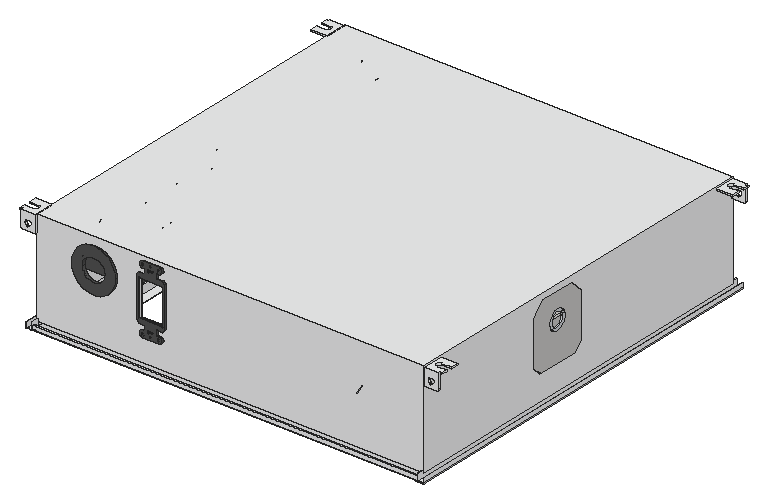
Revit family "AV-Connectivity_Ceiling-Boxes_CB-22_FSR", category Specialty Equipment, host Ceiling, Revit 2026 (continued)
Definition of nested family "CB-22-1"
  Forms (in)
    Extrusion 29, solid, material <- "Box Material"
      sketch origin (0, 0, 0) x (1, 0, 0) y (0, 1, 0)
        loop
          line (12.55185, 11.37372) -> (11.53678, 11.37372) -> (11.53678, 10.19684) -> (12.55185, 10.19684) -> (12.55185, 10.65537) -> (11.99331, 10.65537)
          arc (11.99331, 10.65537) -> (11.8058, 10.84288) -> (11.99331, 11.0304) r 0.18751
          line (11.99331, 11.0304) -> (12.55185, 11.0304) -> (12.55185, 11.37372)
        loop
          line (-12.55185, -11.39372) -> (-11.53678, -11.39372) -> (-11.53678, -10.23983) -> (-12.55185, -10.23983) -> (-12.55185, -10.69836) -> (-11.99331, -10.69836)
          arc (-11.99331, -10.69836) -> (-11.8058, -10.88587) -> (-11.99331, -11.07338) r 0.18751
          line (-11.99331, -11.07338) -> (-12.55185, -11.07338) -> (-12.55185, -11.39372)
        loop
          line (12.55185, -11.39372) -> (12.55185, -11.07338) -> (11.99331, -11.07338)
          arc (11.99331, -11.07338) -> (11.8058, -10.88587) -> (11.99331, -10.69836) r 0.18751
          line (11.99331, -10.69836) -> (12.55185, -10.69836) -> (12.55185, -10.23983) -> (11.53678, -10.23983) -> (11.53678, -11.39372) -> (12.55185, -11.39372)
      from 5.58048 to 5.65148
    Extrusion 30, solid, material <- "Box Material"
      sketch origin (0, 0, 0) x (1, 0, 0) y (0, 0, 1)
        loop
          line (-11.53678, 5.65148) -> (-12.43084, 5.65148) -> (-12.43084, 4.77642)
          arc (-12.43084, 4.77642) -> (-12.39423, 4.68803) -> (-12.30583, 4.65141) r 0.12501
          line (-12.30583, 4.65141) -> (-11.53678, 4.65141) -> (-11.53678, 5.65148)
        loop
          circle (-11.99331, 5.05144) r 0.18751
        loop
          line (11.53678, 5.65148) -> (11.53678, 4.65141) -> (12.30583, 4.65141)
          arc (12.30583, 4.65141) -> (12.39423, 4.68803) -> (12.43084, 4.77642) r 0.12501
          line (12.43084, 4.77642) -> (12.43084, 5.65148) -> (11.53678, 5.65148)
        loop
          circle (11.99331, 5.05144) r 0.18751
      from 11.39372 to 11.48591
    Extrusion 31, solid, material <- "Box Material"
      sketch origin (0, -0.02, 0) x (1, 0, 0) y (0, 0, -1)
        loop
          line (-11.53678, -5.65148) -> (-11.53678, -4.65141) -> (-12.30583, -4.65141)
          arc (-12.30583, -4.65141) -> (-12.39423, -4.68803) -> (-12.43084, -4.77642) r 0.12501
          line (-12.43084, -4.77642) -> (-12.43084, -5.65148) -> (-11.53678, -5.65148)
        loop
          circle (-11.99331, -5.05144) r 0.18751
        loop
          line (11.53678, -5.65148) -> (12.43084, -5.65148) -> (12.43084, -4.77642)
          arc (12.43084, -4.77642) -> (12.39423, -4.68803) -> (12.30583, -4.65141) r 0.12501
          line (12.30583, -4.65141) -> (11.53678, -4.65141) -> (11.53678, -5.65148)
        loop
          circle (11.99331, -5.05144) r 0.18751
      from 11.39372 to 11.46292
    Blend 32, solid, material <- "Tray"
      base sketch origin (0, 0, 0) x (1, 0, 0) y (0, 1, 0)
        loop
          circle (-8.05554, -9.75179) r 0.88006
      top sketch origin (0, 0, 0) x (1, 0, 0) y (0, 1, 0)
        loop
          circle (-8.05554, -9.7738) r 0.68755
      from 5.54776 to 5.51468
    Blend 33, solid, material <- "Tray"
      base sketch origin (0, 8.75112, 0) x (1, 0, 0) y (0, 1, 0)
        loop
          circle (-8.05554, -9.75179) r 0.88006
      top sketch origin (0, 8.75112, 0) x (1, 0, 0) y (0, 1, 0)
        loop
          circle (-8.05554, -9.7738) r 0.68755
      from 5.54776 to 5.51468
    Blend 34, solid, material <- "Tray"
      base sketch origin (0, 19.5046, 0) x (1, 0, 0) y (0, 1, 0)
        loop
          circle (-8.05554, -9.75179) r 0.88006
      top sketch origin (0, 19.5046, 0) x (1, 0, 0) y (0, 1, 0)
        loop
          circle (-8.05554, -9.7738) r 0.68755
      from 5.54776 to 5.51468
    Extrusion 35, solid, material <- "Black"
      sketch origin (0, 0, 0) x (1, 0, 0) y (0, 1, 0)
        loop
          arc (-11.13182, -0.42603) -> (-11.19794, -0.45342) -> (-11.22532, -0.51954) r 0.09351
          line (-11.22532, -0.51954) -> (-11.22532, -2.2386)
          arc (-11.22532, -2.2386) -> (-11.19794, -2.30472) -> (-11.13182, -2.33211) r 0.09351
          line (-11.13182, -2.33211) -> (-10.05874, -2.33211)
          arc (-10.05874, -2.33211) -> (-9.99263, -2.30472) -> (-9.96524, -2.2386) r 0.09351
          line (-9.96524, -2.2386) -> (-9.96524, -0.51954)
          arc (-9.96524, -0.51954) -> (-9.99263, -0.45342) -> (-10.05874, -0.42603) r 0.09351
          line (-10.05874, -0.42603) -> (-11.13182, -0.42603)
        loop
          line (-11.10875, -0.53599) -> (-11.10875, -1.50605)
          arc (-11.10875, -1.50605) -> (-11.0941, -1.54141) -> (-11.05875, -1.55606) r 0.05
          line (-11.05875, -1.55606) -> (-10.08868, -1.55606)
          arc (-10.08868, -1.55606) -> (-10.05332, -1.54141) -> (-10.03868, -1.50605) r 0.05
          line (-10.03868, -1.50605) -> (-10.03868, -0.53599)
          arc (-10.03868, -0.53599) -> (-10.05332, -0.50063) -> (-10.08868, -0.48599) r 0.05
          line (-10.08868, -0.48599) -> (-11.05875, -0.48599)
          arc (-11.05875, -0.48599) -> (-11.0941, -0.50063) -> (-11.10875, -0.53599) r 0.05
      from -0.37493 to -0.31192
    Extrusion 36, solid, material <- "White"
      sketch origin (0, 0, 0) x (1, 0, 0) y (0, 1, 0)
        loop
          arc (-11.05875, -0.48599) -> (-11.0941, -0.50063) -> (-11.10875, -0.53599) r 0.05
          line (-11.10875, -0.53599) -> (-11.10875, -1.50605)
          arc (-11.10875, -1.50605) -> (-11.0941, -1.54141) -> (-11.05875, -1.55606) r 0.05
          line (-11.05875, -1.55606) -> (-10.08868, -1.55606)
          arc (-10.08868, -1.55606) -> (-10.05332, -1.54141) -> (-10.03868, -1.50605) r 0.05
          line (-10.03868, -1.50605) -> (-10.03868, -0.53599)
          arc (-10.03868, -0.53599) -> (-10.05332, -0.50063) -> (-10.08868, -0.48599) r 0.05
          line (-10.08868, -0.48599) -> (-11.05875, -0.48599)
        loop
          line (-10.90624, -0.637) -> (-10.90624, -1.05702) -> (-10.74123, -1.05702) -> (-10.74123, -0.637) -> (-10.90624, -0.637)
        loop
          line (-10.4062, -0.669) -> (-10.4062, -1.02502) -> (-10.24119, -1.02502) -> (-10.24119, -0.669) -> (-10.4062, -0.669)
        loop
          arc (-10.4312, -1.26104) -> (-10.57371, -1.11853) -> (-10.71622, -1.26104) r 0.14251
          line (-10.71622, -1.26104) -> (-10.71622, -1.40605) -> (-10.4312, -1.40605) -> (-10.4312, -1.26104)
        loop
          line (-11.19626, -1.66907) -> (-11.19626, -2.24911) -> (-9.96524, -2.24911) -> (-9.96524, -1.66907) -> (-11.19626, -1.66907)
        loop
          line (-10.1574, -1.76157) -> (-10.98174, -1.76157) -> (-10.98174, -2.1566) -> (-10.1574, -2.1566) -> (-10.1574, -1.76157)
      from -0.48621 to -0.37493
    Extrusion 37, solid, material <- "White"
      sketch origin (-0.04963, 0, 0.69994) x (0.997962, 0, 0.063816) y (0, 1, 0)
        loop
          line (-10.98174, -1.76157) -> (-10.98174, -2.1566) -> (-10.16569, -2.1566) -> (-10.16569, -1.76157) -> (-10.98174, -1.76157)
      from -0.58298 to -0.427
  Cuts and joins
    Extrusion 5 cuts Extrusion 4
    Extrusion 20, Extrusion 23, Extrusion 28 cuts Extrusion 1
    joined: Extrusion 1, Extrusion 3
    Extrusion 19 cuts Extrusion 17
    joined: Extrusion 29, Extrusion 30, Extrusion 31
  Dimensions and locks (in)
    plane 22 to plane 16 to plane 21 = 0' - 8.12417" locked, 0' - 2.18132" locked
    aligned and locked: plane 2 to level
    aligned and locked: profile plane to Sweep 2 sketch curve
    aligned and locked: profile plane to Sweep 12 sketch curve
    aligned and locked: Extrusion 1 to plane 2
    aligned and locked: Sweep 13 sketch curve to plane 13
    aligned and locked: Sweep 13 sketch curve to plane 19
    aligned and locked: Sweep 13 sketch curve to plane 12
    aligned and locked: Sweep 13 sketch curve to plane 20
    aligned and locked: Extrusion 16 to Extrusion 19
    aligned and locked: Extrusion 19 to plane 16
    aligned and locked: Extrusion 24 to Extrusion 25
    aligned and locked: plane 9 to Extrusion 25
    aligned and locked: Extrusion 27 to Extrusion 26
    aligned and locked: Extrusion 28 to plane 4
    aligned and locked: Extrusion 28 to plane 5
    aligned and locked: plane 16 to level
